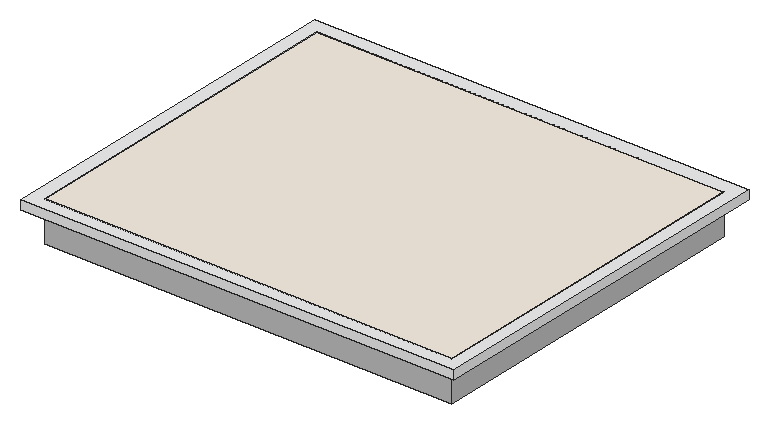
Revit family "Lighting-Industrial-GEWISS-ELIA-HL-LED_HIGHBAY", category Apparecchi per illuminazione, host Superficie, Revit 2019 (continued)
Types (12, lengths in mm): name | Weight (kg): | Weight (kg) | Voltage | Technical sheet | System power | Optic | built-in parameter 1150142 | Lumen output (lm) | Model | IDT | File diagramma fotometrico | Description
    4883.20 4720.80 4561.20 \r\n4397.40 4233.60 4076.80 3921.40 3766.00 3614.80 3469.20 \r\n3326.40 3183.60 3045.00 2907.80 2775.36 2650.48 2530.08 \r\n2412.48 2297.68 2183.44 2072.42 1966.44 1863.82 1762.60 \r\n1663.76 1566.46 1471.96 1380.82 1293.46 1210.86 1133.16 \r\n1060.92 993.16 929.88 869.82 811.58 755.86 703.50 652.96 \r\n603.54 555.66 509.88 466.06 424.20 384.02 344.96 308.42 \r\n275.70 245.55 217.20 190.57 165.23 141.55 119.85 99.88 \r\n81.31 64.58 49.95 37.44 27.14 19.13 13.72 10.39 8.66 8.69 \r\n8142.40 8142.40 8142.40 8145.20 8146.60 8148.00 8150.80 \r\n8153.60 8156.40 8160.60 8163.40 8167.60 8173.20 8177.40 \r\n8183.00 8188.60 8195.60 8201.20 8209.60 8216.60 8225.00 \r\n8232.00 8240.40 8247.40 8255.80 8262.80 8269.80 8278.20 \r\n8286.60 8293.60 8302.00 8310.40 8318.80 8327.20 8337.00 \r\n8346.80 8356.60 8367.80 8377.60 8388.80 8398.60 8409.80 \r\n8419.60 8430.80 8442.00 8451.80 8463.00 8474.20 8484.00 \r\n8496.60 8507.80 8519.00 8530.20 8541.40 8551.20 8562.40 \r\n8573.60 8583.40 8594.60 8603.00 8611.40 8617.00 8624.00 \r\n8628.20 8633.80 8636.60 8639.40 8639.40 8639.40 8636.60 \r\n8633.80 8631.00 8625.40 8618.40 8608.60 8597.40 8584.80 \r\n8570.80 8552.60 8535.80 8514.80 8493.80 8470.00 8444.80 \r\n8416.80 8387.40 8355.20 8320.20 8282.40 8246.00 8205.40 \r\n8157.80 8106.00 8048.60 7987.00 7919.80 7845.60 7760.20 \r\n7665.00 7560.00 7446.60 7329.00 7204.40 7081.20 6953.80 \r\n6818.00 6669.60 6507.20 6335.00 6151.60 5964.00 5776.40 \r\n5590.20 5409.60 5229.00 5054.00 4883.20 4722.20 4562.60 \r\n4397.40 4235.00 4076.80 3922.80 3767.40 3614.80 3470.60 \r\n3329.20 3186.40 3045.00 2909.20 2777.18 2652.02 2531.20 \r\n2412.76 2297.12 2183.44 2072.98 1967.28 1864.38 1763.44 \r\n1664.46 1567.30 1472.66 1381.52 1294.16 1211.28 1133.44 \r\n1061.06 993.30 929.88 869.82 811.72 756.00 703.36 652.96 \r\n603.54 555.80 510.30 466.62 424.48 384.30 345.38 308.98 \r\n276.04 245.74 217.32 190.65 165.37 141.74 120.01 99.97 \r\n81.42 64.71 49.99 37.44 27.17 19.24 13.86 10.51 8.74 8.69 \r\n8142.40 8142.40 8142.40 8145.20 8146.60 8148.00 8149.40 \r\n8153.60 8156.40 8159.20 8163.40 8167.60 8173.20 8177.40 \r\n8183.00 8188.60 8195.60 8201.20 8209.60 8216.60 8225.00 \r\n8232.00 8240.40 8247.40 8255.80 8264.20 8269.80 8278.20 \r\n8286.60 8295.00 8302.00 8311.80 8320.20 8330.00 8338.40 \r\n8348.20 8358.00 8369.20 8380.40 8390.20 8400.00 8409.80 \r\n8421.00 8430.80 8442.00 8453.20 8465.80 8475.60 8486.80 \r\n8496.60 8509.20 8520.40 8531.60 8542.80 8554.00 8565.20 \r\n8575.00 8586.20 8594.60 8603.00 8611.40 8619.80 8625.40 \r\n8631.00 8635.20 8639.40 8640.80 8642.20 8640.80 8639.40 \r\n8636.60 8632.40 8628.20 8619.80 8611.40 8600.20 8587.60 \r\n8572.20 8555.40 8535.80 8517.60 8495.20 8472.80 8446.20 \r\n8418.20 8387.40 8356.60 8321.60 8285.20 8246.00 8204.00 \r\n8157.80 8107.40 8050.00 7988.40 7919.80 7845.60 7761.60 \r\n7666.40 7560.00 7448.00 7329.00 7204.40 7082.60 6952.40 \r\n6815.20 6669.60 6507.20 6335.00 6151.60 5965.40 5777.80 \r\n5593.00 5409.60 5230.40 5055.40 4884.60 4723.60 4562.60 \r\n4398.80 4235.00 4078.20 3924.20 3768.80 3617.60 3472.00 \r\n3329.20 3187.80 3047.80 2912.00 2779.28 2653.84 2532.46 \r\n2413.32 2296.98 2183.58 2073.68 1968.12 1865.36 1764.42 \r\n1665.58 1568.28 1473.64 1382.36 1295.00 1212.26 1134.14 \r\n1061.76 993.86 930.30 870.10 811.86 756.28 703.50 652.96 \r\n603.68 556.22 510.86 467.32 425.18 384.58 345.80 309.40 \r\n276.56 246.08 217.55 190.83 165.59 142.02 120.23 100.13 \r\n81.58 64.83 50.06 37.44 27.23 19.36 13.99 10.63 8.82 8.70 \r\n8142.40 8142.40 8142.40 8143.80 8146.60 8148.00 8150.80 \r\n8153.60 8156.40 8159.20 8163.40 8167.60 8173.20 8177.40 \r\n8183.00 8188.60 8194.20 8201.20 8209.60 8216.60 8225.00 \r\n8232.00 8240.40 8248.80 8255.80 8264.20 8271.20 8278.20 \r\n8286.60 8295.00 8304.80 8311.80 8320.20 8330.00 8339.80 \r\n8349.60 8360.80 8369.20 8380.40 8390.20 8401.40 8412.60 \r\n8422.40 8432.20 8444.80 8454.60 8465.80 8477.00 8486.80 \r\n8499.40 8509.20 8521.80 8533.00 8544.20 8554.00 8565.20 \r\n8576.40 8586.20 8597.40 8605.80 8614.20 8621.20 8628.20 \r\n8633.80 8638.00 8640.80 8643.60 8643.60 8642.20 8640.80 \r\n8638.00 8633.80 8628.20 8621.20 8612.80 8603.00 8589.00 \r\n8573.60 8556.80 8538.60 8519.00 8498.00 8472.80 8447.60 \r\n8419.60 8388.80 8356.60 8323.00 8285.20 8247.40 8205.40 \r\n8159.20 8107.40 8050.00 7988.40 7921.20 7845.60 7761.60 \r\n7666.40 7561.40 7448.00 7329.00 7205.80 7082.60 6952.40 \r\n6815.20 6668.20 6507.20 6335.00 6154.40 5966.80 5779.20 \r\n5594.40 5411.00 5231.80 5056.80 4886.00 4723.60 4564.00 \r\n4400.20 4236.40 4078.20 3924.20 3770.20 3619.00 3474.80 \r\n3332.00 3189.20 3050.60 2913.40 2781.52 2655.80 2533.86 \r\n2413.74 2296.84 2184.00 2074.66 1969.24 1866.62 1765.68 \r\n1666.84 1569.54 1474.90 1383.48 1296.12 1213.38 1135.12 \r\n1062.60 994.56 930.86 870.38 812.28 756.70 703.92 653.10 \r\n603.96 556.64 511.42 468.02 425.74 385.14 346.36 310.24 \r\n277.10 246.48 217.85 191.10 165.89 142.35 120.51 100.34 \r\n81.77 65.00 50.15 37.46 27.29 19.48 14.12 10.75 8.89 8.71 \r\n8142.40 8142.40 8142.40 8143.80 8146.60 8149.40 8150.80 \r\n8153.60 8156.40 8159.20 8163.40 8167.60 8173.20 8177.40 \r\n8183.00 8188.60 8194.20 8201.20 8209.60 8216.60 8225.00 \r\n8232.00 8240.40 8248.80 8255.80 8264.20 8272.60 8279.60 \r\n8288.00 8296.40 8304.80 8314.60 8321.60 8331.40 8341.20 \r\n8351.00 8360.80 8370.60 8381.80 8393.00 8402.80 8412.60 \r\n8423.80 8433.60 8444.80 8456.00 8467.20 8478.40 8489.60 \r\n8499.40 8512.00 8523.20 8534.40 8545.60 8556.80 8568.00 \r\n8577.80 8589.00 8597.40 8608.60 8615.60 8624.00 8629.60 \r\n8635.20 8639.40 8642.20 8643.60 8645.00 8643.60 8642.20 \r\n8639.40 8635.20 8629.60 8624.00 8614.20 8603.00 8591.80 \r\n8576.40 8559.60 8540.00 8521.80 8499.40 8475.60 8449.00 \r\n8421.00 8391.60 8359.40 8323.00 8285.20 8247.40 8205.40 \r\n8159.20 8107.40 8051.40 7989.80 7921.20 7845.60 7761.60 \r\n7666.40 7560.00 7446.60 7329.00 7205.80 7081.20 6951.00 \r\n6813.80 6666.80 6505.80 6335.00 6154.40 5968.20 5782.00 \r\n5595.80 5412.40 5233.20 5056.80 4886.00 4723.60 4564.00 \r\n4398.80 4236.40 4078.20 3924.20 3770.20 3621.80 3476.20 \r\n3333.40 3190.60 3050.60 2914.80 2784.04 2657.76 2535.26 \r\n2414.30 2296.70 2184.28 2075.78 1970.50 1867.88 1767.22 \r\n1668.52 1571.08 1476.30 1384.88 1297.38 1214.64 1136.52 \r\n1063.72 995.54 931.56 870.80 812.70 757.26 704.20 653.38 \r\n604.24 557.06 511.98 468.72 426.44 385.84 347.20 311.08 \r\n277.72 246.99 218.25 191.42 166.25 142.74 120.83 100.59 \r\n81.98 65.20 50.25 37.49 27.36 19.61 14.25 10.86 8.96 8.72 \r\n8142.40 8142.40 8142.40 8143.80 8146.60 8149.40 8150.80 \r\n8153.60 8156.40 8159.20 8163.40 8167.60 8173.20 8177.40 \r\n8183.00 8188.60 8194.20 8202.60 8209.60 8216.60 8225.00 \r\n8233.40 8240.40 8248.80 8257.20 8264.20 8272.60 8279.60 \r\n8288.00 8296.40 8306.20 8314.60 8324.40 8332.80 8342.60 \r\n8352.40 8362.20 8373.40 8383.20 8393.00 8404.20 8414.00 \r\n8423.80 8435.00 8446.20 8457.40 8468.60 8478.40 8489.60 \r\n8502.20 8512.00 8524.60 8535.80 8545.60 8556.80 8568.00 \r\n8579.20 8590.40 8600.20 8610.00 8618.40 8625.40 8632.40 \r\n8636.60 8642.20 8645.00 8645.00 8645.00 8645.00 8643.60 \r\n8640.80 8636.60 8631.00 8625.40 8615.60 8605.80 8591.80 \r\n8577.80 8561.00 8542.80 8523.20 8500.80 8477.00 8449.00 \r\n8421.00 8391.60 8359.40 8324.40 8285.20 8247.40 8205.40 \r\n8159.20 8107.40 8051.40 7989.80 7922.60 7847.00 7760.20 \r\n7666.40 7560.00 7446.60 7329.00 7205.80 7081.20 6951.00 \r\n6812.40 6665.40 6507.20 6336.40 6155.80 5969.60 5783.40 \r\n5597.20 5415.20 5234.60 5058.20 4887.40 4725.00 4565.40 \r\n4400.20 4236.40 4079.60 3924.20 3773.00 3623.20 3479.00 \r\n3334.80 3192.00 3053.40 2917.60 2786.42 2660.14 2536.94 \r\n2415.00 2296.70 2184.84 2077.04 1971.90 1869.42 1768.76 \r\n1670.06 1572.62 1477.84 1386.42 1298.92 1216.18 1137.92 \r\n1065.12 996.52 932.40 871.50 813.26 757.82 704.62 653.66 \r\n604.66 557.62 512.82 469.56 427.14 386.26 347.90 311.78 \r\n278.52 247.56 218.69 191.79 166.64 143.19 121.20 100.86 \r\n82.22 65.41 50.36 37.53 27.45 19.73 14.38 10.97 9.03 8.73 \r\n8142.40 8142.40 8143.80 8143.80 8146.60 8149.40 8150.80 \r\n8153.60 8156.40 8159.20 8162.00 8167.60 8173.20 8177.40 \r\n8183.00 8188.60 8194.20 8202.60 8209.60 8216.60 8225.00 \r\n8233.40 8240.40 8248.80 8257.20 8265.60 8274.00 8282.40 \r\n8289.40 8297.80 8306.20 8316.00 8324.40 8334.20 8344.00 \r\n8353.80 8365.00 8373.40 8384.60 8394.40 8405.60 8415.40 \r\n8426.60 8436.40 8447.60 8458.80 8468.60 8479.80 8492.40 \r\n8502.20 8514.80 8526.00 8535.80 8548.40 8559.60 8570.80 \r\n8580.60 8591.80 8601.60 8611.40 8619.80 8626.80 8633.80 \r\n8639.40 8643.60 8646.40 8646.40 8646.40 8646.40 8645.00 \r\n8642.20 8638.00 8633.80 8625.40 8618.40 8607.20 8594.60 \r\n8579.20 8562.40 8544.20 8524.60 8502.20 8477.00 8451.80 \r\n8422.40 8393.00 8360.80 8324.40 8286.60 8247.40 8205.40 \r\n8159.20 8107.40 8052.80 7991.20 7922.60 7847.00 7760.20 \r\n7665.00 7558.60 7446.60 7327.60 7204.40 7081.20 6949.60 \r\n6812.40 6664.00 6505.80 6336.40 6155.80 5969.60 5784.80 \r\n5600.00 5415.20 5234.60 5058.20 4887.40 4725.00 4564.00 \r\n4400.20 4236.40 4079.60 3925.60 3773.00 3624.60 3479.00 \r\n3336.20 3194.80 3056.20 2920.40 2788.94 2662.24 2538.48 \r\n2415.70 2297.12 2185.68 2078.30 1973.44 1870.82 1770.44 \r\n1671.88 1574.44 1479.38 1387.96 1300.46 1217.58 1139.32 \r\n1066.38 997.78 933.10 872.06 813.82 758.38 705.18 653.94 \r\n605.08 558.18 513.52 470.40 427.84 386.96 348.60 312.62 \r\n279.22 248.16 219.18 192.19 167.08 143.65 121.58 101.15 \r\n82.47 65.60 50.48 37.59 27.52 19.86 14.51 11.08 9.10 8.74 \r\n8142.40 8142.40 8143.80 8143.80 8146.60 8148.00 8150.80 \r\n8153.60 8156.40 8159.20 8163.40 8167.60 8173.20 8176.00 \r\n8183.00 8188.60 8195.60 8202.60 8209.60 8218.00 8225.00 \r\n8233.40 8241.80 8248.80 8257.20 8265.60 8274.00 8282.40 \r\n8290.80 8299.20 8309.00 8316.00 8325.80 8335.60 8345.40 \r\n8353.80 8365.00 8374.80 8386.00 8397.20 8405.60 8416.80 \r\n8426.60 8437.80 8447.60 8458.80 8471.40 8481.20 8492.40 \r\n8503.60 8516.20 8526.00 8538.60 8549.80 8559.60 8570.80 \r\n8582.00 8593.20 8604.40 8612.80 8622.60 8628.20 8635.20 \r\n8640.80 8645.00 8647.80 8649.20 8649.20 8647.80 8646.40 \r\n8643.60 8640.80 8635.20 8628.20 8619.80 8608.60 8596.00 \r\n8582.00 8563.80 8545.60 8526.00 8503.60 8478.40 8453.20 \r\n8422.40 8393.00 8360.80 8325.80 8286.60 8247.40 8206.80 \r\n8159.20 8107.40 8052.80 7992.60 7922.60 7847.00 7760.20 \r\n7663.60 7557.20 7445.20 7326.20 7204.40 7079.80 6949.60 \r\n6811.00 6664.00 6505.80 6336.40 6157.20 5971.00 5786.20 \r\n5600.00 5418.00 5234.60 5059.60 4888.80 4725.00 4565.40 \r\n4401.60 4237.80 4079.60 3925.60 3773.00 3626.00 3481.80 \r\n3337.60 3196.20 3056.20 2923.20 2791.46 2664.34 2540.02 \r\n2416.82 2297.54 2186.52 2079.98 1974.98 1872.36 1771.98 \r\n1673.42 1575.98 1480.92 1389.64 1302.00 1219.26 1141.00 \r\n1067.78 999.04 934.08 872.76 814.66 759.08 705.46 654.36 \r\n605.36 558.74 514.22 471.24 428.54 387.52 349.44 313.60 \r\n280.10 248.79 219.70 192.65 167.54 144.12 121.98 101.47 \r\n82.74 65.83 50.62 37.67 27.62 19.99 14.63 11.18 9.17 8.75 \r\n8142.40 8142.40 8143.80 8143.80 8146.60 8148.00 8150.80 \r\n8153.60 8156.40 8159.20 8163.40 8167.60 8173.20 8176.00 \r\n8183.00 8188.60 8195.60 8202.60 8209.60 8218.00 8225.00 \r\n8233.40 8241.80 8250.20 8257.20 8265.60 8274.00 8282.40 \r\n8290.80 8300.60 8309.00 8318.80 8327.20 8337.00 8345.40 \r\n8356.60 8366.40 8377.60 8386.00 8397.20 8408.40 8416.80 \r\n8428.00 8437.80 8449.00 8460.20 8471.40 8482.60 8493.80 \r\n8505.00 8516.20 8528.80 8538.60 8549.80 8562.40 8573.60 \r\n8584.80 8596.00 8605.80 8614.20 8622.60 8631.00 8638.00 \r\n8642.20 8647.80 8649.20 8650.60 8650.60 8650.60 8647.80 \r\n8645.00 8642.20 8636.60 8629.60 8621.20 8610.00 8597.40 \r\n8582.00 8565.20 8547.00 8526.00 8505.00 8479.80 8451.80 \r\n8423.80 8394.40 8360.80 8325.80 8288.00 8247.40 8205.40 \r\n8159.20 8107.40 8052.80 7992.60 7924.00 7845.60 7758.80 \r\n7662.20 7555.80 7443.80 7324.80 7204.40 7078.40 6948.20 \r\n6809.60 6662.60 6504.40 6336.40 6157.20 5972.40 5787.60 \r\n5601.40 5418.00 5237.40 5059.60 4888.80 4726.40 4564.00 \r\n4400.20 4237.80 4079.60 3925.60 3775.80 3627.40 3481.80 \r\n3339.00 3197.60 3059.00 2923.20 2793.56 2666.30 2541.56 \r\n2417.80 2298.24 2187.64 2081.52 1976.52 1873.90 1773.66 \r\n1675.24 1577.66 1482.60 1391.04 1303.54 1220.80 1142.54 \r\n1069.18 1000.30 935.06 873.46 815.22 759.64 706.02 654.78 \r\n606.06 559.30 514.92 472.08 429.24 388.36 350.14 314.44 \r\n280.85 249.42 220.25 193.12 168.00 144.59 122.39 101.79 \r\n83.01 66.04 50.76 37.76 27.73 20.12 14.76 11.28 9.23 8.76 \r\n8142.40 8142.40 8143.80 8143.80 8146.60 8148.00 8150.80 \r\n8153.60 8156.40 8159.20 8163.40 8167.60 8173.20 8176.00 \r\n8183.00 8190.00 8195.60 8202.60 8209.60 8218.00 8225.00 \r\n8233.40 8241.80 8250.20 8258.60 8267.00 8275.40 8283.80 \r\n8292.20 8300.60 8309.00 8318.80 8328.60 8338.40 8348.20 \r\n8356.60 8366.40 8377.60 8387.40 8398.60 8408.40 8419.60 \r\n8429.40 8439.20 8450.40 8461.60 8472.80 8484.00 8495.20 \r\n8506.40 8519.00 8528.80 8541.40 8552.60 8563.80 8575.00 \r\n8586.20 8597.40 8607.20 8617.00 8624.00 8632.40 8639.40 \r\n8645.00 8647.80 8650.60 8652.00 8652.00 8650.60 8649.20 \r\n8646.40 8642.20 8636.60 8631.00 8622.60 8612.80 8598.80 \r\n8583.40 8566.60 8548.40 8527.40 8506.40 8479.80 8453.20 \r\n8425.20 8394.40 8360.80 8325.80 8288.00 8248.80 8206.80 \r\n8159.20 8108.80 8054.20 7994.00 7924.00 7845.60 7758.80 \r\n7660.80 7554.40 7442.40 7323.40 7203.00 7077.00 6948.20 \r\n6808.20 6661.20 6503.00 6335.00 6157.20 5972.40 5787.60 \r\n5602.80 5418.00 5237.40 5061.00 4890.20 4726.40 4565.40 \r\n4400.20 4239.20 4079.60 3925.60 3775.80 3628.80 3483.20 \r\n3340.40 3199.00 3060.40 2926.00 2796.08 2668.26 2543.24 \r\n2418.92 2299.22 2188.90 2083.20 1978.34 1875.58 1775.20 \r\n1676.78 1579.06 1483.86 1392.58 1305.08 1222.34 1144.22 \r\n1070.72 1001.42 935.90 874.02 815.78 760.20 706.44 655.06 \r\n606.34 559.86 515.62 472.64 429.94 388.92 350.98 315.28 \r\n281.64 250.05 220.79 193.59 168.48 145.04 122.79 102.10 \r\n83.26 66.25 50.92 37.86 27.84 20.25 14.87 11.38 9.29 8.77 \r\n8142.40 8142.40 8143.80 8143.80 8146.60 8148.00 8150.80 \r\n8153.60 8156.40 8159.20 8163.40 8167.60 8173.20 8176.00 \r\n8183.00 8190.00 8197.00 8202.60 8211.00 8218.00 8226.40 \r\n8234.80 8241.80 8250.20 8258.60 8267.00 8275.40 8283.80 \r\n8292.20 8300.60 8310.40 8318.80 8328.60 8338.40 8348.20 \r\n8358.00 8369.20 8377.60 8387.40 8398.60 8409.80 8419.60 \r\n8430.80 8440.60 8451.80 8461.60 8474.20 8485.40 8496.60 \r\n8509.20 8519.00 8531.60 8542.80 8554.00 8566.60 8577.80 \r\n8589.00 8600.20 8610.00 8618.40 8626.80 8633.80 8640.80 \r\n8646.40 8649.20 8652.00 8654.80 8654.80 8652.00 8650.60 \r\n8647.80 8643.60 8638.00 8632.40 8622.60 8614.20 8600.20 \r\n8584.80 8568.00 8548.40 8528.80 8506.40 8481.20 8454.60 \r\n8425.20 8394.40 8362.20 8327.20 8289.40 8250.20 8208.20 \r\n8160.60 8110.20 8055.60 7995.40 7925.40 7845.60 7757.40 \r\n7659.40 7553.00 7438.20 7323.40 7201.60 7078.40 6948.20 \r\n6808.20 6659.80 6503.00 6335.00 6155.80 5972.40 5787.60 \r\n5601.40 5418.00 5237.40 5062.40 4891.60 4726.40 4564.00 \r\n4401.60 4239.20 4079.60 3924.20 3775.80 3628.80 3484.60 \r\n3340.40 3199.00 3060.40 2927.40 2796.92 2669.10 2544.50 \r\n2421.02 2302.30 2192.26 2086.14 1980.30 1876.84 1776.32 \r\n1677.76 1580.04 1484.56 1393.28 1305.92 1223.18 1145.06 \r\n1071.56 1002.40 936.60 874.58 816.20 760.48 707.00 655.62 \r\n606.76 560.28 515.76 472.78 430.08 389.20 351.26 315.70 \r\n282.00 250.49 221.28 194.12 168.90 145.33 123.06 102.40 \r\n83.48 66.42 51.09 38.04 27.98 20.37 14.98 11.47 9.35 8.78 \r\n8142.40 8142.40 8143.80 8143.80 8146.60 8148.00 8150.80 \r\n8153.60 8156.40 8159.20 8163.40 8167.60 8173.20 8177.40 \r\n8183.00 8190.00 8197.00 8202.60 8211.00 8218.00 8226.40 \r\n8234.80 8243.20 8253.00 8260.00 8268.40 8276.80 8285.20 \r\n8293.60 8303.40 8311.80 8321.60 8330.00 8338.40 8348.20 \r\n8359.40 8369.20 8379.00 8388.80 8398.60 8409.80 8421.00 \r\n8430.80 8442.00 8451.80 8463.00 8475.60 8486.80 8496.60 \r\n8509.20 8521.80 8533.00 8545.60 8556.80 8568.00 8579.20 \r\n8590.40 8601.60 8612.80 8621.20 8628.20 8636.60 8643.60 \r\n8649.20 8652.00 8654.80 8654.80 8654.80 8654.80 8653.40 \r\n8650.60 8646.40 8640.80 8633.80 8625.40 8614.20 8601.60 \r\n8586.20 8569.40 8549.80 8530.20 8507.80 8482.60 8454.60 \r\n8426.60 8395.80 8363.60 8328.60 8290.80 8251.60 8209.60 \r\n8163.40 8111.60 8058.40 7996.80 7925.40 7845.60 7756.00 \r\n7658.00 7551.60 7436.80 7320.60 7201.60 7077.00 6946.80 \r\n6808.20 6659.80 6501.60 6335.00 6155.80 5971.00 5784.80 \r\n5600.00 5418.00 5237.40 5062.40 4890.20 4726.40 
